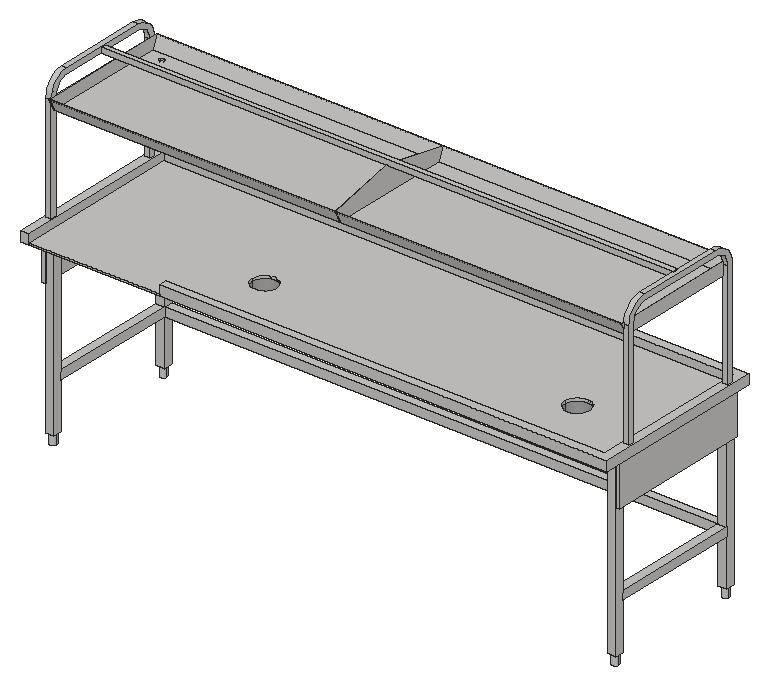
Revit family "QF_ZANUSSI_865340_BHST2708R", category Attrezzature speciali, Revit 2020
Family settings
  Quota connettore circolare = Usa diametro
  Tipo di parte = Normale
  Basato su piano di lavoro = No
  Sempre verticale = Sì
  Taglio con vuoti quando caricato = No
  Condiviso = No
  Punto di calcolo locali = No
Parameters (values of type "Standard")
  Weight = 24.00 kg
  Watts = 0 W
  Volts = 0 V
  URL Manufacturer = "http://www.zanussiprofessional.com"
  URL = "http://www.zanussiprofessional.com"
  Steam Supply Size = 0 mm
  Steam Supply Minimum Pressure = 0.0 Pa
  Steam Supply Maximum Pressure = 0.0 Pa
  Steam Consumption per Hour = 0
  Refrigeration Suction Line Size = 0 mm
  Refrigeration Liquid Line Size = 0 mm
  Refrigerant Compressor Remote = yes
  Prospetto di default = 0 mm
  Produttore = "Zanussi"
  Phase = 0
  Modello = "BHST2708R"
  Length Actual = 2700 mm  # constant formula
  Item Number = "865340"
  Hot Water Size = 0 mm
  Height Actual = 1551 mm  # constant formula
  HP = "0 HP"
  Gas Size = 0 mm
  Gas KW = 0
  Gas Input Pressure = 0 W
  Direct Waste Size = 0 mm
  Description = "SORTING TABLE, RIGHT>LEFT, 2700X800 MM "
  Depth Actual = 800 mm  # constant formula
  Cycle = 0 Hz
  Condensate Return Size = 0 mm
  Compressed Air Volume = 0.0 L/s
  Compressed Air Size = 0 mm
  Compressed Air Pressure = 0.0 Pa
  Cold Water Size = 0 mm
  Accessory = yes
Reference planes
  plane 1 "Centro (Fronte/Retro)": y = 0
  plane 2: z = 0
  plane 3 "Centro (Sinistra/Destra)": x = 0
  plane 4: x = 1350
  plane 5: z = 1492
  plane 6: x = 20
  plane 7: y = -379.5
  plane 8: x = 56
  plane 9: y = -60
  plane 10: y = -695
  plane 11: x = 2700
  plane 12: x = 2644
Forms (mm)
  Extrusion 1, solid, material "QF_Finishes_Stainless Steel"
    sketch origin (-964, -40, 0) x (1, 0, 0) y (0, 1, 0)
      loop
        line (1000, 0) -> (1000, -40) -> (1040, -40) -> (1040, 0) -> (1000, 0)
    from 45 to 865
  Extrusion 2, solid, material "QF_Finishes_Stainless Steel"
    sketch origin (-964, -40, 0) x (1, 0, 0) y (0, 1, 0)
      loop
        circle (1020, -20) r 15
    from 0 to 45
  Extrusion 3, solid, material "QF_Finishes_Stainless Steel"
    sketch origin (-964, -675, 0) x (1, 0, 0) y (0, 1, 0)
      loop
        line (1000, 0) -> (1000, -40) -> (1040, -40) -> (1040, 0) -> (1000, 0)
    from 45 to 865
  Extrusion 4, solid, material "QF_Finishes_Stainless Steel"
    sketch origin (-964, -675, 0) x (1, 0, 0) y (0, 1, 0)
      loop
        circle (1020, -20) r 15
    from 0 to 45
  Extrusion 5, solid, material "QF_Finishes_Stainless Steel"
    sketch origin (0, 0, 0) x (1, 0, 0) y (0, 0, 1)
      loop
        line (76, 259.624) -> (2624, 259.624) -> (2624, 299.579) -> (76, 299.579) -> (76, 259.624)
    from 40 to 80
  Extrusion 6, solid, material "QF_Finishes_Stainless Steel"
    sketch origin (36, 0, 0) x (0, 1, 0) y (0, 0, 1)
      loop
        line (-80, 299.579) -> (-675, 299.579) -> (-675, 259.579) -> (-80, 259.579) -> (-80, 299.579)
    from 0 to 40
  Sweep 7, solid, material "QF_Finishes_Stainless Steel"
    path origin (0, 0, -12) x (0, 1, 0) y (0, 0, 1)
      loop
        line (-95, 922) -> (-95, 1412)
        arc (-95, 1412) -> (-118.431, 1468.569) -> (-175, 1492) r 80
        line (-175, 1492) -> (-584, 1492)
        arc (-584, 1492) -> (-640.569, 1468.569) -> (-664, 1412) r 80
        line (-664, 1412) -> (-664, 922)
    profile origin (0, -95, 1155) x (0, -1, 0) y (1, 0, 0)
      loop
        line (-12, 8) -> (12, 8) -> (12, 32) -> (-12, 32) -> (-12, 8)
  Extrusion 8, solid, material "QF_Finishes_Stainless Steel"
    sketch origin (0, 0, -12) x (0, 1, 0) y (0, 0, 1)
      loop
        line (-367.5, 1504) -> (-391.5, 1504) -> (-391.5, 1480) -> (-367.5, 1480) -> (-367.5, 1504)
    from 32 to 2668
  Extrusion 9, void
    sketch origin (32, 0, -6.687) x (0, 1, 0) y (0, 0, 1)
      loop
        line (-56.629, 1444.891) -> (-702.371, 1444.891) -> (-663.034, 1360.532) -> (-95.966, 1360.532) -> (-56.629, 1444.891)
    from 3.287 to 2634
  Extrusion 10, solid, material "QF_Finishes_Stainless Steel"
    sketch origin (32, 0, -12) x (0, 1, 0) y (0, 0, 1)
      loop
        line (-70.92, 1418.976) -> (-688.08, 1418.976) -> (-661.76, 1362.532) -> (-97.24, 1362.532) -> (-70.92, 1418.976)
    from 0 to 2636
  Extrusion 11, void
    sketch origin (0, 0, -12) x (1, 0, 0) y (0, 1, 0)
      loop
        circle (108.268, -136.161) r 12
    from 1301.755 to 1377.519
  Extrusion 12, solid, material "QF_Finishes_Stainless Steel"
    sketch origin (0, 0, -12) x (1, 0, 0) y (0, 1, 0)
      loop
        circle (108.21, -136.146) r 13
    from 1316.037 to 1362.532
  Extrusion 13, void
    sketch origin (0, 0, -12) x (1, 0, 0) y (0, 1, 0)
      loop
        circle (108.268, -136.161) r 10
    from 1301.755 to 1377.519
  Extrusion 14, solid, material "QF_Finishes_Stainless Steel"
    sketch origin (1700, 0, 865) x (-1, 0, 0) y (0, -1, 0)
      loop
        line (-960, 774) -> (-960, 40) -> (1660, 40) -> (1660, 814) -> (1060, 814) -> (1060, 774) -> (-960, 774)
    from 0 to 10
  Extrusion 15, solid, material "QF_Finishes_Stainless Steel"
    sketch origin (0, 0, 865) x (1, 0, 0) y (0, 1, 0)
      loop
        line (0, 0) -> (0, -814) -> (40, -814) -> (40, -40) -> (2660, -40) -> (2660, -774) -> (640, -774) -> (640, -814) -> (2700, -814) -> (2700, 0) -> (0, 0)
    from 0 to 45
  Extrusion 16, solid, material "QF_Finishes_Stainless Steel"
    sketch origin (2664, 0, 0) x (0, 1, 0) y (0, 0, -1)
      loop
        line (-80, -299.579) -> (-80, -259.579) -> (-675, -259.579) -> (-675, -299.579) -> (-80, -299.579)
    from 0 to 40
  Extrusion 17, void
    sketch origin (1720, -30, 0) x (1, 0, 0) y (0, 1, 0)
      loop
        circle (610, -490) r 58
    from 674.596 to 947.421
  Extrusion 18, void
    sketch origin (280, -30, 0) x (1, 0, 0) y (0, 1, 0)
      loop
        circle (610, -490) r 58
    from 674.596 to 947.421
  Extrusion 19, solid, material "QF_Finishes_Stainless Steel"
    sketch origin (251, 0, 0) x (0, 1, 0) y (0, 0, 1)
      loop
        line (-367.5, 1468) -> (-391.5, 1468) -> (-687.809, 1406.976) -> (-663.034, 1353.844) -> (-95.966, 1353.844) -> (-71.191, 1406.976) -> (-367.5, 1468)
    from 1098 to 1100
  Extrusion 20, solid, material "QF_Finishes_Stainless Steel"
    sketch origin (0, 0, 0) x (0, 1, 0) y (0, 0, 1)
      loop
        line (-40, 865) -> (-715, 865) -> (-715, 660) -> (-40, 660) -> (-40, 865)
    from 20 to 36
  Extrusion 21, solid, material "QF_Finishes_Stainless Steel"
    sketch origin (3664, -40, 0) x (-1, 0, 0) y (0, -1, 0)
      loop
        line (1000, 0) -> (1040, 0) -> (1040, 40) -> (1000, 40) -> (1000, 0)
    from 45 to 865
  Extrusion 22, solid, material "QF_Finishes_Stainless Steel"
    sketch origin (3664, -40, 0) x (-1, 0, 0) y (0, -1, 0)
      loop
        circle (1020, 20) r 15
    from 0 to 45
  Extrusion 23, solid, material "QF_Finishes_Stainless Steel"
    sketch origin (3664, -675, 0) x (-1, 0, 0) y (0, -1, 0)
      loop
        line (1000, 0) -> (1040, 0) -> (1040, 40) -> (1000, 40) -> (1000, 0)
    from 45 to 865
  Extrusion 24, solid, material "QF_Finishes_Stainless Steel"
    sketch origin (3664, -675, 0) x (-1, 0, 0) y (0, -1, 0)
      loop
        circle (1020, 20) r 15
    from 0 to 45
  Sweep 25, solid, material "QF_Finishes_Stainless Steel"
    path origin (2700, 0, -12) x (0, 1, 0) y (0, 0, -1)
      loop
        line (-95, -922) -> (-95, -1412)
        arc (-95, -1412) -> (-118.431, -1468.569) -> (-175, -1492) r 80
        line (-175, -1492) -> (-584, -1492)
        arc (-584, -1492) -> (-640.569, -1468.569) -> (-664, -1412) r 80
        line (-664, -1412) -> (-664, -922)
    profile origin (2700, -95, 1155) x (0, 1, 0) y (-1, 0, 0)
      loop
        line (12, 8) -> (12, 32) -> (-12, 32) -> (-12, 8) -> (12, 8)
  Extrusion 26, solid, material "QF_Finishes_Stainless Steel"
    sketch origin (2700, 0, 0) x (0, 1, 0) y (0, 0, -1)
      loop
        line (-40, -865) -> (-40, -660) -> (-715, -660) -> (-715, -865) -> (-40, -865)
    from 20 to 36
Cuts and joins
  Extrusion 9, Extrusion 13 cuts Extrusion 10
  Extrusion 11 cuts Extrusion 12
  Extrusion 17, Extrusion 18 cuts Extrusion 14
Dimensions and locks
  plane 5 to level = 1492 mm  (x2)
  Extrusion 5 to Extrusion 5 = 39.955 mm
  Extrusion 1 to Extrusion 3 = 595 mm
  plane 9 to plane 10 = 635 mm
  plane 11 to plane 3 "Centro (Sinistra/Destra)" = 2700 mm
  Sweep 7 to Sweep 7 = 545 mm
  plane 3 "Centro (Sinistra/Destra)" to plane 11 = 2700 mm
  cut or joined group of Extrusion 14, Extrusion 17, Extrusion 18 to plane 1 "Centro (Fronte/Retro)" = 814 mm
  Extrusion 15 to Extrusion 15 = 814 mm
  plane 12 to plane 8 = 2588 mm
  Extrusion 23 to Extrusion 3 = 2548 mm
  aligned and locked: level to plane 2
  aligned and locked: Extrusion 2 to Extrusion 1
  aligned and locked: Extrusion 4 to Extrusion 3
  aligned and locked: Extrusion 8 to Sweep 7
  aligned and locked: Extrusion 21 to Extrusion 22
  aligned and locked: Extrusion 23 to Extrusion 24
Nested families
  nested 1: "FORO_IMMONDIZIE - 200" at (2330, -520, 863.471), type "FORO_IMMONDIZIE - 200"
  nested 2: "FORO_IMMONDIZIE - 200" at (890, -520, 863.471), type "FORO_IMMONDIZIE - 200"
Definition of nested family "FORO_IMMONDIZIE - 200"
  Parameters (values of type "FORO_IMMONDIZIE - 200")
    Default Elevation = 1219.2 mm
  Reference planes
    plane 1 "Centro (Fronte/Retro)": y = 0
    plane 2: z = 0
    plane 3 "Centro (Sinistra/Destra)": x = 0
    plane 4: z = -110
  Forms (mm)
    Extrusion 1, solid, not visible
      sketch origin (0, 0, 0) x (1, 0, 0) y (0, 1, 0)
        loop
          line (-1219.2, 1219.2) -> (-1219.2, -1219.2) -> (1219.2, -1219.2) -> (1219.2, 1219.2) -> (-1219.2, 1219.2)
      from 0 to -304.8
    Extrusion 2, solid
      sketch origin (0, 0, 0) x (1, 0, 0) y (0, 1, 0)
        loop
          circle (0, 0) r 60
        loop
          circle (0, 0) r 90
      from -110 to 1.529
  Dimensions and locks
    aligned and locked: plane 2 to Extrusion 1
    aligned and locked: level to Extrusion 1
